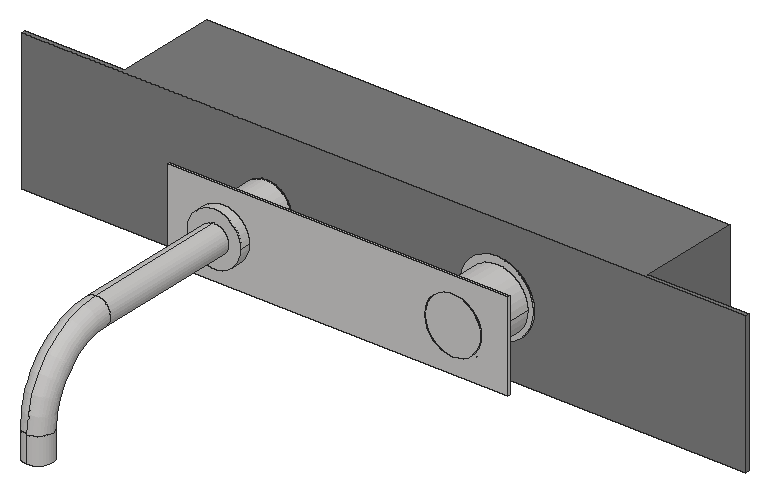
Revit family "CBR_4812", category Plumbing Fixtures, Revit 2021
Family settings
  Round Connector Dimension = Use Diameter
  Part Type = Normal
  Work Plane-Based = No
  Always vertical = Yes
  Cut with Voids When Loaded = No
  Shared = No
  Room Calculation Point = No
Parameters
  e-mail = "info@vola.com"
  URL = "http://vola.com"
  Telephone = "+45 7023 5500"
  Quality management standard = "ISO 9001"
  Organisation no. / DUNS no. = "17531328"
  Occupational health and safety management standard = "ISO 18001"
  Mounting Instructions = ""
  Model = "4812"
  Mixer Offset [instance] = 35.50 mm
  Mixer = yes
  Materials and components information = ""
  Manufacturer = "VOLA A/S"
  Maintenance Instructions = ""
  Guarantee = "2 years"
  Flow = "5,00 l/min"
  Environmental management standard = "ISO 14000"
  Default Elevation = 0.00 mm
  Connection - All relevant connections = "To valve box 3/8\" and to mixer ½\""
  Approvals = ""
Reference planes
  plane 1 "Center (Front/Back)": y = 0
  plane 2: z = 0
  plane 3 "Center (Left/Right)": x = 0
  plane 4 "Mixer plane": y = 35.5
  plane 5 "Wall Surface": y = 0
Forms (mm)
  Extrusion 1, solid, material "Stainless Steel", visible <- "Mixer"
    sketch origin (15.5, 35, 0) x (0, 0, 1) y (-1, 0, 0)
      loop
        circle (0, 16.5) r 16.5
    from 0 to 35
Dimensions and locks
  "Mixer Offset": plane 4 "Mixer plane" to plane 1 "Center (Front/Back)"
  aligned and locked: plane 2 to level
  aligned and locked: plane 1 "Center (Front/Back)" to Extrusion 1
  aligned and locked: nested 1 to plane 4 "Mixer plane"
  aligned and locked: nested 1 to Extrusion 1
  aligned and locked: nested 4 to nested 2
  aligned and locked: plane 5 "Wall Surface" to nested 4
Automatic sketch dimensions
  radius of Extrusion 1 sketch curve to nested 1 = 0.00 mm
Nested families
  nested 1: "4800" at (78, 107, -58.08), visible <- "Mixer", type "Standard"
  nested 2: "VR510" at (155, -0.5, -0.66), type "Standard"
  nested 3: "010" at (-0.995, -2, 0), type "010"
  nested 4: "4002L" at (77.005, 0, -0.66) x (1, 0, 0) z (0, -1, 0), type "4002L"
Connectors
  piping at (0.007, 80, -47.5), diameter 19
    settings: on nested 1, index 1, connector inside diameter 0.74803", connector length 0.00 mm, flow factor 0, pipe flow 0 GPM, pressure drop 0.00 psi, fitting loss kfactor 0, connector angle 0.00°, fixture units 0, engagement length 0.00 mm, angle of deflection 0.00°, flow configuration 0, flow direction 1, fitting loss method 0, system type 20, joint type 0, gender type 0, connector reference index -1, connector utility 0, adjustable connector no, is connector primary yes, connector description ""
Definition of nested family "4800"
  Parameters
    e-mail = "info@vola.com"
    URL = "http://vola.com"
    Telephone = "+45 7023 5500"
    Quality management standard = "ISO 9001"
    Organisation no. / DUNS no. = "17531328"
    Occupational health and safety management standard = "ISO 18001"
    Mounting Instructions = "http://vola.com/service/producturl.ashx?name=4000"
    Model = "4000"
    Materials and components information = "http://vola.com/service/producturl.ashx?name=4000"
    Manufacturer = "VOLA A/S"
    Maintenance Instructions = "http://vola.com/service/producturl.ashx?name=4000"
    Guarantee = "2 years"
    Environmental management standard = "ISO 14000"
    Default Elevation = 0.00 mm
    Connection - All relevant connections = ""
    Approvals = "http://vola.com/service/producturl.ashx?name=4000"
  Reference planes
    plane 1 "Center (Front/Back)": y = 0
    plane 2: z = 0
    plane 3 "Center (Left/Right)": x = 0
    plane 4: z = 58.08
    plane 5: y = -27
    plane 6: y = -27
    plane 7: y = -72
  Forms (mm)
    Extrusion 1, solid
      sketch origin (-39, -1, -10.92) x (1, 0, 0) y (0, 1, 0)
        loop
          line (-138, 1) -> (-138, -68) -> (216, -68) -> (216, 1) -> (-138, 1)
      from 21.5 to 116.5
    Extrusion 2, solid
      sketch origin (-1.25, -1, -10.92) x (1, 0, 0) y (0, 1, 0)
        loop
          line (-243.75, -68) -> (-243.75, -70.5) -> (246.25, -70.5) -> (246.25, -68) -> (-243.75, -68)
      from 21.5 to 116.5
    Extrusion 3, solid
      sketch origin (38, -1, -10.92) x (1, 0, 0) y (0, 0, 1)
        loop
          circle (39, 69) r 25
      from 70.5 to 71
    Extrusion 4, solid
      sketch origin (-118, -1, -10.92) x (1, 0, 0) y (0, 0, 1)
        loop
          circle (39, 69) r 16.5
      from 70.5 to 71
  Cuts and joins
    joined: Extrusion 1, Extrusion 2
  Lines and regions (mm)
    reference lines
      curve 1: line (77, -36.5, 58.08) -> (77, -36.5, 157.08)
      curve 2: line (77, -36.5, 58.08) -> (77, -36.5, -40.92)
      curve 3: line (-79, -28.5, 58.08) -> (-79, -28.5, 157.08)
      curve 4: line (-79, -28.5, 58.08) -> (-79, -28.5, -40.92)
      curve 5: line (-77, -27, 58.08) -> (-77, -122, 58.08)
      curve 6: line (77, -27, 58.08) -> (77, -114, 58.08)
  Dimensions and locks
    aligned and locked: plane 2 to level
    aligned and locked: Extrusion 1 to Extrusion 2
    aligned and locked: Extrusion 2 to Extrusion 1
Definition of nested family "VR510"
  Parameters
    e-mail = "info@vola.com"
    URL = "http://vola.com"
    Telephone = "+45 7023 5500"
    Quality management standard = "ISO 9001"
    Organisation no. / DUNS no. = "17531328"
    Occupational health and safety management standard = "ISO 18001"
    Mounting Instructions = ""
    Model = "RS82E"
    Materials and components information = ""
    Manufacturer = "VOLA A/S"
    Maintenance Instructions = ""
    Guarantee = "2 years"
    Environmental management standard = "ISO 14000"
    Default Elevation = 0.00 mm
    Connection - All relevant connections = ""
    Approvals = "http://vola.com/service/producturl.ashx?name=RS82E"
  Reference planes
    plane 1 "Center (Front/Back)": y = 0
    plane 2: z = 0
    plane 3 "Center (Left/Right)": x = 0
  Forms (mm)
    Extrusion 1, solid
      sketch origin (0, 0, 0) x (-1, 0, 0) y (0, 0, -1)
        loop
          circle (0, 0) r 19
      from 0 to 1.5
  Lines and regions (mm)
    model lines
      curve 1: circle (0, -1.5, 0) r 1.5 normal (0, 1, 0)
      curve 2: circle (0, -1.5, 5) r 1.5 normal (0, 1, 0)
      curve 3: circle (0, -1.5, -5) r 1.5 normal (0, 1, 0)
  Dimensions and locks
    aligned and locked: plane 2 to level
Definition of nested family "010"
  Parameters
    e-mail = "info@vola.com"
    URL = "http://vola.com"
    Telephone = "+45 7023 5500"
    Quality management standard = "ISO 9001"
    Organisation no. / DUNS no. = "17531328"
    Occupational health and safety management standard = "ISO 18001"
    Mounting Instructions = "http://vola.com/service/producturl.ashx?name=010"
    Model = "010"
    Materials and components information = "http://vola.com/service/producturl.ashx?name=010"
    Manufacturer = "VOLA A/S"
    Maintenance Instructions = "http://vola.com/service/producturl.ashx?name=010"
    Guarantee = "2 years"
    Flow = "0 l/min"
    Environmental management standard = "ISO 14000"
    Default Elevation = 0.00 mm
    Connection - All relevant connections = ""
    Approvals = "http://vola.com/service/producturl.ashx?name=010"
  Reference planes
    plane 1 "Center (Front/Back)": y = 0
    plane 2: z = 0
    plane 3 "Center (Left/Right)": x = 0
  Forms (mm)
    Extrusion 1, solid
      sketch origin (0, 0, 0) x (1, 0, 0) y (0, 0, 1)
        loop
          circle (0, 0) r 18
      from 0 to 7
    Sweep 2, solid
      path origin (0, 0, 0) x (0, 1, 0) y (0, 0, 1)
        loop
          line (-7, 0) -> (-107, 0)
          arc (-107, 0) -> (-141.648, -14.352) -> (-156, -49) r 49
      profile origin (0, -141.648, -14.352) x (0, 0.707107, -0.707107) y (1, 0, 0)
        loop
          circle (0, 0) r 9.5
    Extrusion 3, solid
      sketch origin (0, -156, -49) x (0, -1, 0) y (-1, 0, 0)
        loop
          circle (0, 0) r 9.5
      from 0 to 18
  Dimensions and locks
    aligned and locked: plane 2 to level
Definition of nested family "4002L"
  Parameters
    e-mail = "info@vola.com"
    URL = "http://vola.com"
    Telephone = "+45 7023 5500"
    Quality management standard = "ISO 9001"
    Organisation no. / DUNS no. = "17531328"
    Occupational health and safety management standard = "ISO 18001"
    Mounting Instructions = ""
    Model = "002L"
    Materials and components information = ""
    Manufacturer = "VOLA A/S"
    Maintenance Instructions = ""
    Guarantee = "2 years"
    Environmental management standard = "ISO 14000"
    Default Elevation = 1219.20 mm
    Connection - All relevant connections = ""
    Approvals = "http://vola.com/service/producturl.ashx?name=002L"
  Reference planes
    plane 1 "Center (Front/Back)": y = 0
    plane 2: z = 0
    plane 3 "Center (Left/Right)": x = 0
  Forms (mm)
    Extrusion 1, solid
      sketch origin (0, 0, 0) x (1, 0, 0) y (0, 1, 0)
        loop
          line (-115, 30) -> (-115, -30) -> (115, -30) -> (115, 30) -> (-115, 30)
        loop
          circle (-78, 0) r 16.5
        loop
          circle (78, 0) r 19
      from 0 to 2
    Extrusion 2, solid
      sketch origin (156, 0, 0) x (1, 0, 0) y (0, 1, 0)
        loop
          circle (-78, 0) r 19
        loop
          circle (-78, 0) r 21
      from 0 to -35
  Dimensions and locks
    aligned and locked: plane 2 to level
